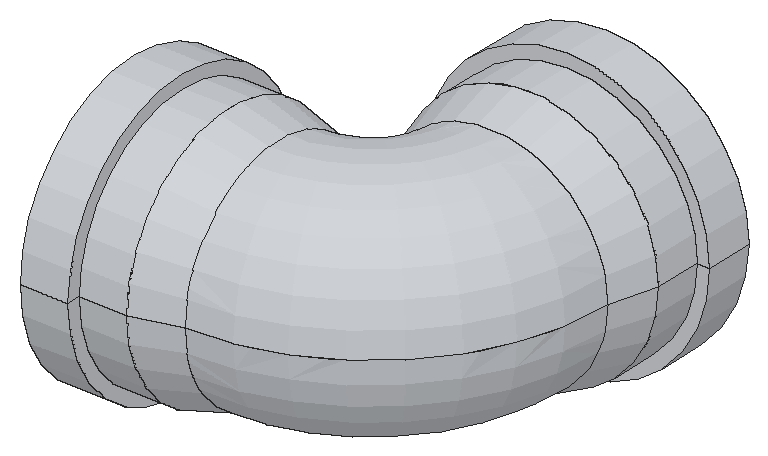
Revit family "Dobrado - Soquete - DI", category Conexões de tubo, Revit 2019
Family settings
  Cota do conector redondo = Usar raio
  Tipo de parte = Cotovelo
  ID de item do Seek = Bend - PVC - Sch 40 - DWV-0000-CAN-ENU
  Com base no plano de trabalho = Não
  Sempre na vertical = Sim
  Corte com vazios quando carregada = Não
  Compartilhado = Não
Parameters (values of type "Padrão")
  Espessura da parede [instance] = size_lookup(Nome da tabela de pesquisa, "WThk", 14 * (0.001 * Diâmetro nominal + 0.5 mm), Diâmetro nominal)  # 12.1 mm
  Tamanho da marca de revisão [instance] = Diâmetro externo da conexão * 0.4  # 69.68 mm
  Raio externo do soquete [instance] = Diâmetro externo do soquete / 2  # 106.5 mm
  Diâmetro externo do soquete [instance] = size_lookup(Nome da tabela de pesquisa, "SOD", 1.08 * Diâmetro nominal + 51 mm, Diâmetro nominal)  # 213 mm
  Largura do soquete [instance] = size_lookup(Nome da tabela de pesquisa, "SWid", 0.13 * Diâmetro nominal + 87 mm, Diâmetro nominal)  # 107.1 mm
  Raio nominal [instance] = 75 mm
  Diâmetro nominal [instance] = Raio nominal * 2  # 150 mm
  Método de perda = Coeficiente K da tabela
  Nome da tabela de pesquisa = "BR_Bend - Socket - DI"
  Comprimento 3 [instance] = Centro para a extremidade - Largura do soquete  # 59.6 mm
  Comprimento 2 [instance] = (Comprimento 4 + Largura do soquete) * sin(Ângulo)  # 195 mm
  Comprimento 1 [instance] = (Comprimento 4 + Largura do soquete) * (1 + cos(Ângulo))  # 195 mm
  Tabela de coeficiente K = "Cotovelo regular 45, 90 e 180"
  Raio externo da conexão [instance] = Diâmetro externo da conexão / 2  # 87.1 mm
  Diâmetro externo da conexão [instance] = Diâmetro nominal + (2 * Espessura da parede)  # 174.2 mm
  Comprimento 4 [instance] = if(Raio externo da conexão * tan(Ângulo / 2) > Comprimento 3, Raio externo da conexão * tan(Ângulo / 2) + 0.8 mm, Comprimento 3)  # 87.9 mm
  Centro para a extremidade [instance] = size_lookup(Nome da tabela de pesquisa, "CtE", 0.28 * Diâmetro nominal + 124.7 mm, Diâmetro nominal, Ângulo)  # 166.7 mm
  Raio Central [instance] = Comprimento 4 / tan(Ângulo / 2)  # 87.9 mm
  Ângulo [instance] = 90.00°
Reference planes
  plane 1 "Centro (frente/trás)": y = 0
  plane 2: z = 0
  plane 3 "Centro (direita/esquerda)": x = 0
  plane 4: x = -195
  plane 5: x = -87.9
  plane 6: y = 87.9
  plane 7: y = 195
  plane 8: x = 0
  plane 9: y = 69.68
  plane 10: y = -69.68
  plane 11: y = 87.1
  plane 12: y = -87.1
  plane 13: y = 106.5
Forms (mm)
  Sweep 1, solid, detail levels fine
    path in 3D
      loop
        arc (-87.9, 0, 0) -> (-25.745, 25.745, 0) -> (0, 87.9, 0) r 87.9
    profile origin (-25.745, 25.745, 0) x (-0.707107, 0.707107, 0) y (0, 0, 1)
      loop
        circle (0, 0) r 87.1
  Revolve 2, solid, detail levels fine
    sketch origin (0, 0, 0) x (1, 0, 0) y (0, 1, 0)
      loop
        line (-195, 0) -> (-87.9, 0) -> (-87.9, 87.1) -> (-123.6, 96.8) -> (-159.3, 96.8) -> (-159.3, 106.5) -> (-195, 106.5) -> (-195, 0)
      axis (-195, 0) -> (-87.9, 0)
    angle from 0 to 360
  Revolve 3, solid, detail levels fine
    sketch origin (0, 0, 0) x (0, 1, 0) y (-1, 0, 0)
      loop
        line (87.9, 0) -> (195, 0) -> (195, 106.5) -> (159.3, 106.5) -> (159.3, 96.8) -> (123.6, 96.8) -> (87.9, 87.1) -> (87.9, 0)
      axis (87.9, 0) -> (195, 0)
    angle from 0 to 360
Cuts and joins
  joined: Sweep 1, Revolve 2, Revolve 3
Lines and regions (mm)
  model lines, detail levels coarse+medium
    curve 1: arc (-87.9, 0, 0) -> (-25.745, 25.745, 0) -> (0, 87.9, 0) r 87.9
    curve 2: line (-195, 0, 0) -> (-87.9, 0, 0)
    curve 3: line (0, 195, 0) -> (0, 87.9, 0)
    curve 5: line (0, 195, 0) -> (-69.68, 195, 0)
    curve 6: line (0, 195, 0) -> (69.68, 195, 0)
    curve 7: line (-195, 69.68, 0) -> (-195, -69.68, 0)
  sketch lines
    curve 4: arc (-87.9, 0, 0) -> (-25.745, 25.745, 0) -> (0, 87.9, 0) r 87.9
  reference lines
    curve 8: line (0, 0, 0) -> (0, 195, 0)
Dimensions and locks
  "Largura do soquete": plane 4 to plane 5
  "Raio Central": plane 6 to plane 1 "Centro (frente/trás)"
  "Comprimento 2": plane 1 "Centro (frente/trás)" to plane 7
  "Comprimento 4": plane 5 to plane 3 "Centro (direita/esquerda)"
  "Comprimento 1": plane 4 to plane 8
  "Largura do soquete": curve 3 to curve 3
  "Tamanho da marca de revisão": plane 9 to plane 1 "Centro (frente/trás)"
  equal spacing: plane 9, plane 1 "Centro (frente/trás)", plane 10
  "Tamanho da marca de revisão": curve 5 to curve 5
  "Tamanho da marca de revisão": curve 6 to curve 6
  equal spacing: plane 11, plane 1 "Centro (frente/trás)", plane 12
  "Diâmetro externo da conexão": plane 11 to plane 12
  "Raio externo do soquete": plane 13 to plane 1 "Centro (frente/trás)"
  plane 7 to plane 6 = 107.1 mm
  equal spacing: Revolve 2 sketch curve, Revolve 2 sketch curve, Revolve 2 sketch curve, Revolve 2 sketch curve
  equal spacing: plane 11, Revolve 2 sketch curve, Revolve 2 sketch curve
  "Largura do soquete": Revolve 3 sketch curve to Revolve 3 sketch curve
  "Raio externo do soquete": Revolve 3 sketch curve to Revolve 3 sketch curve
  "Raio externo da conexão": Revolve 3 sketch curve to Revolve 3 sketch curve
  equal spacing: Revolve 3 sketch curve, Revolve 3 sketch curve, Revolve 3 sketch curve
  equal spacing: Revolve 3 sketch curve, Revolve 3 sketch curve, Revolve 3 sketch curve, Revolve 3 sketch curve
  "Raio externo da conexão": radius of Sweep 1 sketch curve
  "Ângulo": angle curve 1 to curve 1
  "Ângulo": angle plane 7 to curve 3
  locked: curve 5 to curve 3 (angle 90.00°)
  locked: curve 3 to curve 6 (angle 90.00°)
  aligned and locked: plane 6 to curve 1
  aligned and locked: plane 1 "Centro (frente/trás)" to curve 1
  aligned and locked: plane 4 to curve 2
  aligned and locked: plane 1 "Centro (frente/trás)" to curve 2
  aligned and locked: plane 8 to curve 6
  aligned and locked: plane 7 to curve 6
  aligned and locked: plane 9 to curve 7
  aligned and locked: plane 10 to curve 7
  aligned and locked: curve 7 to plane 4
  aligned and locked: plane 1 "Centro (frente/trás)" to Revolve 2 sketch curve
  aligned and locked: Revolve 2 sketch curve to Revolve 2 sketch curve
  aligned and locked: Revolve 2 sketch curve to plane 5
  aligned and locked: Revolve 2 sketch curve to plane 11
  aligned and locked: plane 8 to curve 8
  aligned and locked: curve 8 to Revolve 3 sketch curve
  aligned and locked: Revolve 3 sketch curve to Revolve 3 sketch curve
Automatic sketch dimensions
  Sweep 1 sketch curve to profile plane = 0 mm
  profile plane to Sweep 1 sketch curve = 0 mm
  Revolve 2 sketch curve to plane 4 = 31.424 mm
  Revolve 2 sketch curve to plane 3 "Centro (direita/esquerda)" = 20.524 mm
  Revolve 2 sketch curve to plane 4 = 0 mm
  plane 13 to Revolve 2 sketch curve = 0 mm
  plane 1 "Centro (frente/trás)" to curve 8 = 0 mm
  curve 8 to plane 3 "Centro (direita/esquerda)" = 0 mm
  plane 7 to curve 8 = 0 mm
  Revolve 3 sketch curve to curve 8 = 0 mm  (x2)
  Revolve 3 sketch curve to Revolve 3 sketch curve = 32.3 mm
Connectors
  piping at (-195, 0, 0), diameter 150, driven by "Raio nominal", driven by "Ângulo"
    settings: on Revolve 2, index 1, connector inside diameter 150 mm, connector length 0 mm, flow factor 0, pipe flow 0.0 L/s, pressure drop 0.0 Pa, fitting loss kfactor 0, connector angle 90.00°, fixture units 0, engagement length 0 mm, angle of deflection 0.00°, flow configuration 0, flow direction 0, fitting loss method 0, system type 28, joint type 0, gender type 0, connector reference index 2, connector utility 0, adjustable connector no, is connector primary yes, connector description ""
  piping at (0, 195, 0), diameter 150, driven by "Raio nominal", driven by "Ângulo"
    settings: on Revolve 3, index 2, connector inside diameter 150 mm, connector length 0 mm, flow factor 0, pipe flow 0.0 L/s, pressure drop 0.0 Pa, fitting loss kfactor 0, connector angle 90.00°, fixture units 0, engagement length 0 mm, angle of deflection 0.00°, flow configuration 0, flow direction 0, fitting loss method 0, system type 28, joint type 0, gender type 0, connector reference index 1, connector utility 0, adjustable connector no, is connector primary no, connector description ""
